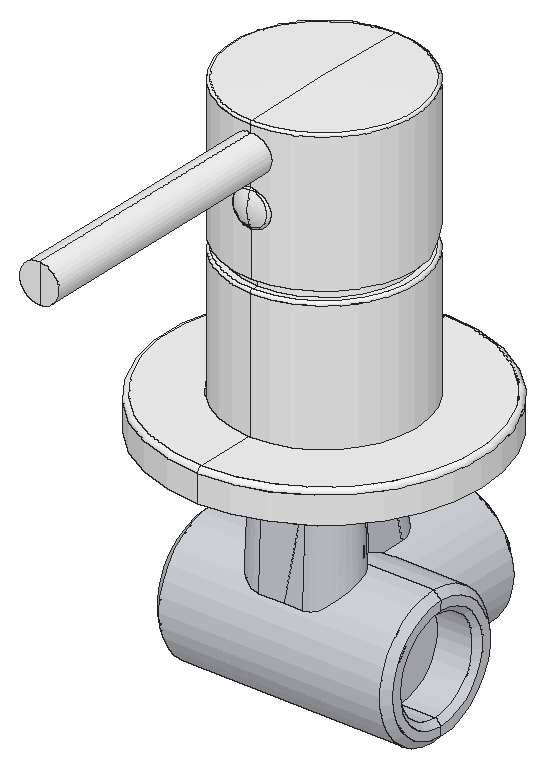
Revit family "Reece_Tap_Mizu_Drift_Shower Mixer", category Plumbing Fixtures, host Face, Revit 2018
Family settings
  Host = Face
  Round Connector Dimension = Use Diameter
  Part Type = Normal
  Cut with Voids When Loaded = No
  Shared = Yes
  Room Calculation Point = Yes
Parameters (values of type "Chrome")
  WFU = 0  # constant formula
  URL = "https://www.reece.com.au/product/-2267361"
  Type Comments = "Tap"
  Reece_Tap_Outlet = 25 mm  # constant formula
  Reece_Tap_Inlet = 25 mm  # constant formula
  Reece_Product_Web Page = "https://www.reece.com.au/product/-2267361"
  Reece_Product_Type = "Tap"  # constant formula
  Reece_Product_Sub Brand = "Drift"  # constant formula
  Reece_Product_Number = "2267361"
  Reece_Product_Mount = "Wall Mounted"  # constant formula
  Reece_Product_Description = "Mizu Drift Shower Mixer Kit Chrome"
  Reece_Product_Brand = "Mizu"  # constant formula
  Reece_Overall_Projection = 65 mm  # constant formula
  Reece_Overall_Height = 106 mm  # constant formula
  Reece_Material_Main = Reece_Brass_Chrome
  Reece_Lever_Length = 55 mm  # constant formula
  Reece_Detail_Installation = ""
  Reece_Detail_Disclaimer = "THIS FILE IS THE PROPERTY OF THE REECE GROUP. IT MAY NOT BE REPRODUCED, REVERSE-ENGINEERED, OR MODIFIED. ANY REPUBLICATION, TRANSMISSION, OR DISTRIBUTION FOR THE PURPOSE OF COMMERCIALLY EXPLOITING THE FILES IS PROHIBITED."  # constant formula
  Reece_Detail_Connector = ""
  Reece_Detail_Additional = ""
  Model = "Drift"
  Manufacturer = "Mizu"
  Keynote = "Product #2267361, Reece_Tap_Mizu_Drift_Shower Mixer - Chrome"
  HWFU = 0  # constant formula
  Disclaimer = "THIS FILE IS THE PROPERTY OF THE REECE GROUP. IT MAY NOT BE REPRODUCED, REVERSE-ENGINEERED, OR MODIFIED. ANY REPUBLICATION, TRANSMISSION, OR DISTRIBUTION FOR THE PURPOSE OF COMMERCIALLY EXPLOITING THE FILES IS PROHIBITED."  # constant formula
  Description = "Mizu Drift Shower Mixer Kit Chrome"
  Default Elevation = 1000 mm
  CWFU = 0  # constant formula
Types (5, lengths in mm): name | URL | Reece_Product_Web Page | Reece_Product_Number | Reece_Product_Description | Reece_Material_Main | Keynote | Description
  Brushed Nickel | "https://www.reece.com.au/product/-2267375" | "https://www.reece.com.au/product/-2267375" | "2267375" | "Mizu Drift Shower Mixer Kit Brushed Nickel" | Reece_Brass_Brushed Nickel | "Product #2267375, Reece_Tap_Mizu_Drift_Shower Mixer - Brushed Nickel" | "Mizu Drift Shower Mixer Kit Brushed Nickel"
  Chrome | "https://www.reece.com.au/product/-2267361" | "https://www.reece.com.au/product/-2267361" | "2267361" | "Mizu Drift Shower Mixer Kit Chrome" | Reece_Brass_Chrome | "Product #2267361, Reece_Tap_Mizu_Drift_Shower Mixer - Chrome" | "Mizu Drift Shower Mixer Kit Chrome"
  Matte Black | "https://www.reece.com.au/product/-2267368" | "https://www.reece.com.au/product/-2267368" | "2267368" | "Mizu Drift Shower Mixer Kit Matte Black" | Reece_Brass_Matte Black | "Product #2267368, Reece_Tap_Mizu_Drift_Shower Mixer - Matte Black" | "Mizu Drift Shower Mixer Kit Matte Black"
  Brushed Gunmetal | "https://www.reece.com.au/product/-2267382" | "https://www.reece.com.au/product/-2267382" | "2267382" | "Mizu Drift Shower Mixer Kit Brushed Gunmetal" | Reece_Brass_Brushed Gunmetal | "Product #2267382, Reece_Tap_Mizu_Drift_Shower Mixer - Brushed Gunmetal" | "Mizu Drift Shower Mixer Kit Brushed Gunmetal"
  Brushed Brass | "https://www.reece.com.au/product/-9512599" | "https://www.reece.com.au/product/-9512599" | "9512599" | "Mizu Drift Shower Mixer Kit Brushed Brass" | Reece_Brass_Brushed | "Product #9512599, Reece_Tap_Mizu_Drift_Shower Mixer - Brushed Brass" | "Mizu Drift Shower Mixer Kit Brushed Brass"
Reference planes
  plane 1 "Center (Front/Back)": y = 0
  plane 2: z = 0
  plane 3 "Center (Left/Right)": x = 0
  plane 4: y = -18.383
  plane 5: y = -73.383
  plane 6: y = 32.611
  plane 7: y = -73.389
  plane 8: z = 65
  plane 9: z = 33.682
Forms (mm)
  Revolve 1, solid, material "Reece_Brass_Chrome" <- "Reece_Material_Main"
    sketch origin (0, 0.055, -117.916) x (0, 1, 0) y (0, 0, 1)
      loop
        arc (-18.4, 151.416) -> (-18.824, 151.24) -> (-19, 150.816) r 0.6
        line (-19, 150.816) -> (-19, 117.916) -> (0, 117.916) -> (0, 168.692)
        arc (0, 168.692) -> (-12.151, 163.621) -> (-17.093, 151.416) r 17.094
        line (-17.093, 151.416) -> (-18.4, 151.416)
      axis (0, 168.692) -> (0, 117.916)
    angle from 0 to 360
  Extrusion 2, void
    sketch origin (0, 5.683, 45.943) x (0, -0.91357, -0.406681) y (1, 0, 0)
      loop
        line (39.237, 24.5) -> (-51.116, 24.5) -> (-51.116, -24.5) -> (39.237, -24.5) -> (39.237, 24.5)
    from -20.185 to -8.806
  Revolve 3, solid, material "Reece_Brass_Chrome" <- "Reece_Material_Main"
    sketch origin (0, 0.055, -117.916) x (0, 1, 0) y (0, 0, 1)
      loop
        arc (-18.499, 182.547) -> (-18.854, 182.387) -> (-19, 182.025) r 0.522
        line (-19, 182.025) -> (-19, 153.595) -> (-18.033, 153.595) -> (-17.5, 161.214) -> (-17.5, 164.095) -> (0, 164.095) -> (0, 182.916)
        arc (0, 182.916) -> (-9.251, 182.823) -> (-18.499, 182.547) r 466.089
      axis (0, 182.916) -> (0, 153.595)
    angle from 0 to 360
  Revolve 4, solid, material "Reece_Brass_Chrome" <- "Reece_Material_Main"
    sketch origin (0, 0.055, 0.5) x (0, 1, 0) y (0, 0, 1)
      loop
        arc (-31.555, 6) -> (-32.262, 5.707) -> (-32.555, 5) r 1
        line (-32.555, 5) -> (-32.555, -0.5) -> (-19.305, -0.5) -> (-19.305, 6) -> (-31.555, 6)
      axis (0, 6) -> (0, -0.5)
    angle from 0 to 360
  Revolve 5, solid
    sketch origin (0, 7.086, -35) x (0, -1, 0) y (0, 0, 1)
      loop
        line (7.086, 34.7) -> (7.086, 27.3) -> (26.086, 27.3) -> (26.086, 34.7) -> (7.086, 34.7)
      axis (7.086, 34.7) -> (7.086, 27.3)
    angle from 0 to 360
  Revolve 6, solid
    sketch origin (0.142, -6.986, -36.43) x (0, 1, 0) y (0, 0, -1)
      loop
        line (8.163, -13.75) -> (38.586, -13.75) -> (40.086, -12.25) -> (40.086, -10.7) -> (38.886, -9.5) -> (32.645, -9.5) -> (32.645, 0) -> (8.163, 0) -> (8.163, -13.75)
      axis (8.163, 0) -> (40.086, 0)
    angle from 0 to 360
  Revolve 7, solid
    sketch origin (-58.723, 0, -1.289) x (1, 0, 0) y (0, 0, 1)
      loop
        line (35.947, -49) -> (81.5, -49) -> (83, -47.5) -> (83, -45.7) -> (81.8, -44.5) -> (74.51, -44.5) -> (74.51, -35) -> (42.866, -35) -> (42.866, -44.5) -> (35.647, -44.5) -> (34.447, -45.7) -> (34.447, -47.5) -> (35.947, -49)
      axis (83, -35) -> (34.447, -35)
    angle from 0 to 360
  Revolve 8, solid, material "Reece_Brass_Chrome" <- "Reece_Material_Main"
    sketch origin (0, 0.928, -121.077) x (0, -1, 0) y (0, 0, -1)
      loop
        arc (19.269, -173.642) -> (19.651, -173.532) -> (19.915, -173.234) r 0.716
        arc (19.915, -173.234) -> (20.503, -171.536) -> (20.702, -169.75) r 8.104
        line (20.702, -169.75) -> (16.178, -169.75) -> (16.178, -173.642) -> (19.269, -173.642)
      axis (16.178, -169.75) -> (20.702, -169.75)
    angle from 0 to 360
  Revolve 9, void
    sketch origin (0, 0.928, -121.077) x (0, -1, 0) y (0, 0, -1)
      loop
        arc (20.458, -173.621) -> (20.84, -173.51) -> (21.104, -173.213) r 0.716
        arc (21.104, -173.213) -> (21.689, -171.525) -> (21.891, -169.75) r 8.104
        line (21.891, -169.75) -> (17.922, -169.75) -> (17.922, -173.621) -> (20.458, -173.621)
      axis (17.922, -169.75) -> (21.891, -169.75)
    angle from 0 to 360
  Revolve 10, void
    sketch origin (0, 0, 0) x (1, 0, 0) y (0, 0, 1)
      loop
        line (0, 6.5) -> (0, -53.5) -> (19, -53.5) -> (19, 6.5) -> (0, 6.5)
      axis (0, 6.5) -> (0, -53.5)
    angle from 0 to 360
  SweptBlend 11, solid
    path origin (0, 0, 0) x (0, 1, 0) y (0, 0, 1)
      loop
        line (-11.126, -30.592) -> (-11.126, -5.625)
    profile origin (0, -11.126, -30.592) x (0, -1, 0) y (1, 0, 0)
      loop
        line (0, 0) -> (0, 4.516)
        arc (0, 4.516) -> (-4.808, 10.868) -> (-12.227, 7.964) r 6.6
        arc (-12.227, 7.964) -> (-13.319, 6.914) -> (-14.785, 6.532) r 3
        line (-14.785, 6.532) -> (-24.322, 6.532)
        arc (-24.322, 6.532) -> (-30.854, 0) -> (-24.322, -6.532) r 6.532
        line (-24.322, -6.532) -> (-14.785, -6.532)
        arc (-14.785, -6.532) -> (-13.319, -6.914) -> (-12.227, -7.964) r 3
        arc (-12.227, -7.964) -> (-4.808, -10.868) -> (0, -4.516) r 6.6
        line (0, -4.516) -> (0, 0)
    end profile origin (0, -11.126, -5.625) x (0, -1, 0) y (1, 0, 0)
      loop
        arc (-19.416, 6.309) -> (-25.724, 0) -> (-19.416, -6.309) r 6.309
        line (-19.416, -6.309) -> (-13.92, -6.309)
        arc (-13.92, -6.309) -> (-12.496, -6.667) -> (-11.413, -7.658) r 3.004
        arc (-11.413, -7.658) -> (-4.978, -9.992) -> (-0.892, -4.5) r 5.734
        line (-0.892, -4.5) -> (-0.892, 4.5)
        arc (-0.892, 4.5) -> (-4.978, 9.992) -> (-11.413, 7.658) r 5.734
        arc (-11.413, 7.658) -> (-12.497, 6.667) -> (-13.921, 6.309) r 3.004
        line (-13.921, 6.309) -> (-19.416, 6.309)
  Revolve 12, solid, material "Reece_Brass_Chrome" <- "Reece_Material_Main"
    sketch origin (0, -80.665, 266.29) x (0, -1, 0) y (0, 0, -1)
      loop
        line (-62.283, 207.59) -> (-62.283, 203.59) -> (-7.283, 203.59) -> (-7.283, 207.59) -> (-62.283, 207.59)
      axis (-7.283, 207.59) -> (-62.283, 207.59)
    angle from 0 to 360
Cuts and joins
  joined: Revolve 5, Revolve 6, Revolve 7, SweptBlend 11
  Extrusion 2, Revolve 9 cuts Revolve 3
  joined: Revolve 1, Revolve 3, Revolve 4, Revolve 12
Text (mm)
  text "Reece Copyright © 2018, Reece Ltd." at (-456.585, -195.183, 0), in view "Ref. Level"
  text "Reece ©" at (34.197, 169.242, 112.824), in view "Reece Preview"
Dimensions and locks
  Revolve 1 sketch curve to Revolve 1 sketch curve = 19 mm
  Extrusion 2 sketch curve to Extrusion 2 sketch curve = 49 mm
  "Reece_Lever_Length": plane 4 to plane 5
  "Reece_Overall_Height": plane 6 to plane 7
  "Reece_Overall_Projection": plane 8 to host face
  aligned and locked: plane 2 to host face
  aligned and locked: level to host face
  aligned and locked: Revolve 3 sketch curve to Revolve 3 sketch curve
  aligned and locked: Revolve 12 sketch curve to Revolve 12 sketch curve
Automatic sketch dimensions
  host sketch curve to host sketch curve = 244.45 mm
  host sketch curve to host sketch curve = 246.302 mm
  Extrusion 2 sketch curve to Extrusion 2 sketch curve = 90.354 mm
  Revolve 8 sketch curve to Revolve 8 sketch curve = 3.58 mm
  Revolve 8 sketch curve to Revolve 8 sketch curve = 3.091 mm
  Revolve 8 sketch curve to Revolve 8 sketch curve = 1.433 mm
  Revolve 8 sketch curve to Revolve 8 sketch curve = 0.716 mm
  Revolve 8 sketch curve to Revolve 8 sketch curve = 3.892 mm
  Revolve 8 sketch curve to Revolve 8 sketch curve = 0.925 mm
  Revolve 8 sketch curve to Revolve 8 sketch curve = 4.804 mm
  Revolve 8 sketch curve to Revolve 8 sketch curve = 0 mm
  Revolve 9 sketch curve to Revolve 9 sketch curve = 4.135 mm
  Revolve 9 sketch curve to Revolve 9 sketch curve = 2.536 mm
  Revolve 9 sketch curve to Revolve 9 sketch curve = 1.433 mm
  Revolve 9 sketch curve to Revolve 9 sketch curve = 0.716 mm
  Revolve 9 sketch curve to Revolve 9 sketch curve = 3.871 mm
  Revolve 9 sketch curve to Revolve 9 sketch curve = 0.021 mm
  Revolve 9 sketch curve to Revolve 9 sketch curve = 0.264 mm
  Revolve 9 sketch curve to Revolve 9 sketch curve = 3.615 mm
  Revolve 9 sketch curve to Revolve 9 sketch curve = 0 mm
  Revolve 5 sketch curve to Revolve 5 sketch curve = 7.4 mm
  Revolve 6 sketch curve to Revolve 6 sketch curve = 0.3 mm
  Revolve 6 sketch curve to Revolve 6 sketch curve = 1.5 mm  (x2)
  Revolve 6 sketch curve to Revolve 6 sketch curve = 9.5 mm
  Revolve 6 sketch curve to Revolve 6 sketch curve = 1.2 mm
  Revolve 6 sketch curve to Revolve 6 sketch curve = 1.55 mm
  Revolve 6 sketch curve to Revolve 6 sketch curve = 8.163 mm
  Revolve 7 sketch curve to Revolve 7 sketch curve = 1.2 mm  (x3)
  Revolve 7 sketch curve to Revolve 7 sketch curve = 0.3 mm  (x2)
  Revolve 7 sketch curve to Revolve 7 sketch curve = 6.99 mm
  Revolve 7 sketch curve to Revolve 7 sketch curve = 1.5 mm  (x2)
  Revolve 7 sketch curve to Revolve 7 sketch curve = 1.8 mm  (x2)
  Revolve 7 sketch curve to Revolve 7 sketch curve = 4.5 mm  (x2)
  Revolve 7 sketch curve to Revolve 7 sketch curve = 12.797 mm
  Revolve 7 sketch curve to Revolve 7 sketch curve = 25.491 mm
  Revolve 7 sketch curve to Revolve 7 sketch curve = 10.7 mm
  Revolve 7 sketch curve to Revolve 7 sketch curve = 7.219 mm
  Revolve 7 sketch curve to Revolve 7 sketch curve = 18.848 mm
  Revolve 7 sketch curve to Revolve 7 sketch curve = 9.5 mm
  Revolve 3 sketch curve to Revolve 3 sketch curve = 0.522 mm
  Revolve 3 sketch curve to Revolve 3 sketch curve = 0.967 mm
  Revolve 3 sketch curve to Revolve 3 sketch curve = 2.881 mm
  Revolve 3 sketch curve to Revolve 3 sketch curve = 57.637 mm
  Revolve 3 sketch curve to Revolve 3 sketch curve = 2210.427 mm
  Revolve 3 sketch curve to Revolve 3 sketch curve = 0.055 mm
  Revolve 3 sketch curve to Revolve 3 sketch curve = 436.768 mm
  Revolve 3 sketch curve to Revolve 3 sketch curve = 17.93 mm
  Revolve 3 sketch curve to Revolve 3 sketch curve = 0.891 mm
  Revolve 10 sketch curve to plane 3 "Center (Left/Right)" = 0 mm  (x2)
  level to Revolve 10 sketch curve = 6.5 mm
  plane 3 "Center (Left/Right)" to Revolve 10 sketch curve = 19 mm
  Revolve 10 sketch curve to level = 53.5 mm
  Revolve 10 sketch curve to Revolve 10 sketch curve = 30.501 mm
  Revolve 10 sketch curve to Revolve 10 sketch curve = 11.979 mm
  plane 3 "Center (Left/Right)" to Extrusion 2 sketch curve = 24.5 mm
  plane 1 "Center (Front/Back)" to Revolve 3 sketch curve = 18.945 mm
  Revolve 3 sketch curve to level = 401.089 mm
  Revolve 7 sketch curve to plane 3 "Center (Left/Right)" = 24.277 mm
  Revolve 7 sketch curve to level = 50.289 mm
  plane 1 "Center (Front/Back)" to Revolve 8 sketch curve = 11.67 mm
  plane 1 "Center (Front/Back)" to Revolve 9 sketch curve = 12.859 mm
  SweptBlend 11 sketch curve to plane 3 "Center (Left/Right)" = 0 mm  (x3)
  profile plane to SweptBlend 11 sketch curve = 19.416 mm
  SweptBlend 11 sketch curve to SweptBlend 11 sketch curve = 0 mm  (x3)
  SweptBlend 11 sketch curve to SweptBlend 11 sketch curve = 5.496 mm
  SweptBlend 11 sketch curve to SweptBlend 11 sketch curve = 5.495 mm
  SweptBlend 11 sketch curve to SweptBlend 11 sketch curve = 0.001 mm
  plane 3 "Center (Left/Right)" to SweptBlend 11 sketch curve = 4.5 mm  (x2)
  profile plane to SweptBlend 11 sketch curve = 6.626 mm  (x2)
  SweptBlend 11 sketch curve to plane 3 "Center (Left/Right)" = 4.5 mm  (x2)
  profile plane to SweptBlend 11 sketch curve = 0.892 mm
  SweptBlend 11 sketch curve to plane 3 "Center (Left/Right)" = 6.309 mm
  SweptBlend 11 sketch curve to SweptBlend 11 sketch curve = 3.004 mm  (x2)
  profile plane to SweptBlend 11 sketch curve = 24.322 mm
  SweptBlend 11 sketch curve to SweptBlend 11 sketch curve = 9.537 mm  (x2)
  profile plane to SweptBlend 11 sketch curve = 6.6 mm  (x2)
  profile plane to SweptBlend 11 sketch curve = 0 mm
  SweptBlend 11 sketch curve to plane 3 "Center (Left/Right)" = 4.516 mm
  SweptBlend 11 sketch curve to plane 3 "Center (Left/Right)" = 6.532 mm
  SweptBlend 11 sketch curve to SweptBlend 11 sketch curve = 3 mm  (x2)
  SweptBlend 11 sketch curve to SweptBlend 11 sketch curve = 4.516 mm
  plane 1 "Center (Front/Back)" to SweptBlend 11 sketch curve = 11.126 mm
  SweptBlend 11 sketch curve to level = 30.592 mm
  SweptBlend 11 sketch curve to level = 5.625 mm
  Revolve 5 sketch curve to plane 1 "Center (Front/Back)" = 0 mm  (x2)
  Revolve 5 sketch curve to level = 7.7 mm
  plane 1 "Center (Front/Back)" to Revolve 5 sketch curve = 19 mm
  Revolve 5 sketch curve to Revolve 5 sketch curve = 10 mm
  Revolve 6 sketch curve to plane 1 "Center (Front/Back)" = 1.178 mm
  Revolve 6 sketch curve to Revolve 6 sketch curve = 24.481 mm
  Revolve 6 sketch curve to Revolve 6 sketch curve = 5.941 mm
  Revolve 6 sketch curve to level = 22.68 mm
  Revolve 6 sketch curve to Revolve 6 sketch curve = 7.355 mm
  Revolve 6 sketch curve to Revolve 6 sketch curve = 0 mm
  level to Revolve 5 sketch curve = 30 mm
  Revolve 4 sketch curve to level = 0 mm
  level to Revolve 4 sketch curve = 6.5 mm
  plane 1 "Center (Front/Back)" to Revolve 4 sketch curve = 19.25 mm
  Revolve 4 sketch curve to Revolve 4 sketch curve = 12.25 mm
  Revolve 4 sketch curve to Revolve 4 sketch curve = 1 mm
  Revolve 4 sketch curve to plane 1 "Center (Front/Back)" = 0.055 mm
  Revolve 4 sketch curve to level = 340.31 mm
  Revolve 3 sketch curve to plane 1 "Center (Front/Back)" = 0.055 mm
  Revolve 3 sketch curve to Revolve 3 sketch curve = 0.533 mm
  Revolve 4 sketch curve to Revolve 4 sketch curve = 2438.37 mm
  level to Revolve 8 sketch curve = 52.565 mm
  level to Revolve 9 sketch curve = 52.544 mm
  Revolve 3 sketch curve to Revolve 3 sketch curve = 7.619 mm
  Revolve 1 sketch curve to level = 0 mm
  plane 9 to Revolve 1 sketch curve = 0 mm
  plane 9 to Revolve 1 sketch curve = 0.782 mm
  plane 9 to Revolve 1 sketch curve = 0.182 mm
  Revolve 1 sketch curve to plane 1 "Center (Front/Back)" = 0.055 mm
  Revolve 1 sketch curve to Revolve 1 sketch curve = 1.307 mm
  Revolve 1 sketch curve to level = 458.726 mm
  plane 8 to Revolve 1 sketch curve = 2261.433 mm
  Revolve 1 sketch curve to Revolve 1 sketch curve = 0 mm
  Revolve 12 sketch curve to plane 4 = 0 mm
  Revolve 12 sketch curve to plane 5 = 0 mm
  Revolve 12 sketch curve to plane 8 = 2.3 mm
  Revolve 12 sketch curve to Revolve 12 sketch curve = 4 mm
  Revolve 12 sketch curve to Revolve 12 sketch curve = 6.418 mm
  Revolve 12 sketch curve to plane 7 = 11.072 mm
  radius of Revolve 1 sketch curve = 17.094 mm
Connectors
  piping at (0.142, 25.659, -36.43), diameter 25, driven by "Reece_Tap_Outlet"
    settings: on cut or joined group of Revolve 5, Revolve 6, Revolve 7, SweptBlend 11, index 1, connector inside diameter 609.6 mm, connector length 0 mm, flow factor 0, pipe flow 0.0 L/s, pressure drop 0.0 Pa, fitting loss kfactor 0, connector angle 0.00°, fixture units 0, engagement length 0 mm, angle of deflection 0.00°, flow configuration 0, flow direction 2, fitting loss method 0, system type 29, joint type 0, gender type 0, connector reference index -1, connector utility 0, adjustable connector no, is connector primary yes, connector description ""
  piping at (-15.857, 0, -36.289), diameter 25, driven by "Reece_Tap_Inlet"
    settings: on cut or joined group of Revolve 5, Revolve 6, Revolve 7, SweptBlend 11, index 2, connector inside diameter 609.6 mm, connector length 0 mm, flow factor 0, pipe flow 0.0 L/s, pressure drop 0.0 Pa, fitting loss kfactor 0, connector angle 0.00°, fixture units 0, engagement length 0 mm, angle of deflection 0.00°, flow configuration 0, flow direction 1, fitting loss method 0, system type 29, joint type 0, gender type 0, connector reference index -1, connector utility 0, adjustable connector no, is connector primary no, connector description ""
  piping at (15.787, 0, -36.289), diameter 25, driven by "Reece_Tap_Inlet"
    settings: on cut or joined group of Revolve 5, Revolve 6, Revolve 7, SweptBlend 11, index 3, connector inside diameter 609.6 mm, connector length 0 mm, flow factor 0, pipe flow 0.0 L/s, pressure drop 0.0 Pa, fitting loss kfactor 0, connector angle 0.00°, fixture units 0, engagement length 0 mm, angle of deflection 0.00°, flow configuration 0, flow direction 1, fitting loss method 0, system type 29, joint type 0, gender type 0, connector reference index -1, connector utility 0, adjustable connector no, is connector primary no, connector description ""
